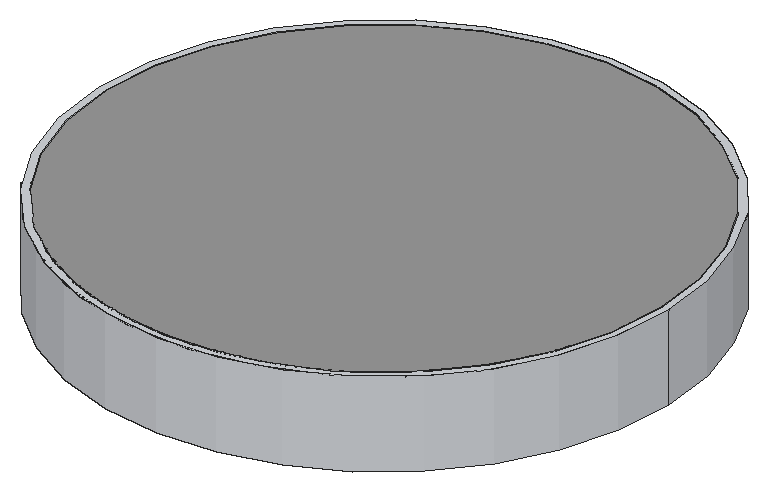
Revit family "2071132", category Lighting Fixtures, host Face, Revit 2018
Family settings
  Host = Face
  Round Connector Dimension = Use Diameter
  Part Type = Normal
  OmniClass Number = 23.80.70.00
  OmniClass Title = Lighting
  Cut with Voids When Loaded = No
  Light Source = Yes
  Shared = No
  Room Calculation Point = No
Parameters (values of type "2071132 COLOSSAL 400 830 OP DIR+H WHT EM")
  iner diameter = 390 mm
  Weight = "n/a"
  Wattage Comments = ""
  Wattage = 30 W
  WarrantyStartDate [instance] = "n/a"
  WarrantyGuarantorParts = "n/a"
  WarrantyDurationUnit = "n/a"
  WarrantyDurationParts = ""
  WarrantyDescription = "http://www.sylvania-lighting.com"
  built-in parameter 1150110 = 1 (stored number, unit not read)
  Voltage = 230 V
  URL = "0.95"
  TypeName = "COLOSSAL 400mm 830 OPAL DIR+HAL WHITE EM"
  Type Image = <None>
  Type Comments = "n/a"
  built-in parameter 1114217 = 1 (stored number, unit not read)
  Tilt Angle = -90.00°
  built-in parameter 1150109 = 1 (stored number, unit not read)
  built-in parameter 1150134 = (empty or 0)
  built-in parameter 1150113 = 1 (stored number, unit not read)
  SerialNumber [instance] = "n/a"
  Photometric Web File = "2071132.ies"
  Material_3_SYL = LED-Sylvania
  PowerFactor = 0
  PowerConsumption = "Lighting"
  NominalLength = 400 mm
  NominalHeight = 93 mm
  NominalDepth = 400 mm
  Name = "COLOSSAL 400mm 830 OPAL DIR+HAL WHITE EM"
  ModelReference = Name  # "COLOSSAL 400mm 830 OPAL DIR+HAL WHITE EM"
  ModelNumber = "2071132"
  Model = Name  # "COLOSSAL 400mm 830 OPAL DIR+HAL WHITE EM"
  Material = "Feilo Sylvania"
  ManufacturerName = "126 lm/W"
  Manufacturer = ""
  LuminousEfficacy = ""
  built-in parameter 1150105 = 270.44 (stored number, unit not read)
  Lumens = 3398.4 lm
  LuminaireType = "0"
  built-in parameter 1150115 = 1 (stored number, unit not read)
  LightOutputRatio = "LED"
  built-in parameter 1150137 = (empty or 0)
  built-in parameter 1150139 = (empty or 0)
  LampsType = Lamp  # "n/a"
  LampNominalLuminous = "3000 K"
  LampMacAdamStep = "80"
  LampColourTemperature = "LED"
  LampColourRenderingIndex = "16500"
  built-in parameter 1150112 = 1 (stored number, unit not read)
  built-in parameter 1150114 = 1 (stored number, unit not read)
  Lamp = "n/a"
  Keynote = "n/a"
  InstallationDate [instance] = "n/a"
  InputVoltage = "0"
  InputNominalFrequency = "3000"
  built-in parameter 1150132 = (empty or 0)
  built-in parameter 1150102 = (empty or 0)
  built-in parameter 1150107 = 3000 (stored number, unit not read)
  built-in parameter 1150138 = (empty or 0)
  IngressProtection = "IfcLightFixtureType"
  ImpactProtectionIndex = "IfcLightFixtureType"
  built-in parameter 1150106 = 2.7044 (stored number, unit not read)
  IfcExportType = "IfcLightFixtureType"
  IfcExportAs = "Class I"
  Emit from Circle Diameter = 385 mm
  Emit Shape Visible in Rendering = no
  ElectricShockClassification = "126"
  built-in parameter 1150104 = 10.524 (stored number, unit not read)
  DocumentationLiterature = "http://www.sylvania-lighting.com/product/en-int/products/2071132"
  DimmingControlOptions = "n/a"
  Material_2_SYL = Polycarbonate_Sylvania_White
  Dimming Lamp Color Temperature Shift = <None>
  Description = "400mm diameter circular architectural luminaire, can be surface mounted or suspended. Powder coated aluminium housing (RAL9016) with polycarbonate opal diffuser. Direct/indirect (halo) light distribution, 2550lm luminuous flux, 21.2W system power, 120lm/W luminiaire efficacy. Constant current driver. 3 hours integrated emergency. Colour rendering index Ra >80, 3000K Warm White LED, chromaticity tolerance of 3-step MacAdam ellipse. IP40, IK03. 450mA drive current. Electrical protection Class1, 220-240V. Reported lifetime 66k hours L90B10."
  Default Elevation = 1219.2 mm
  CreatedOn = "22/03/2022"
  CreatedBy = "@sylvania-lighting.com"
  Cost = 0
  Color Filter = 16777215
  built-in parameter 1114216 [instance] = (empty or 0)
  ClassificationValue = "EF_70_80"
  ClassificationName = "Uniclass2015"
  Material_1_SYL = Polycarbonate_Sylvania_Opal
  BarCode [instance] = "n/a"
  built-in parameter 1114218 = 1 (stored number, unit not read)
  built-in parameter 1150133 = 10 (stored number, unit not read)
  AssetType = "Fixed"
  AssetIdentifier [instance] = "n/a"
  Assembly Code = "D5020200"
  Apparent Load = 21.2 VA
  Material_4_SYL = none
Reference planes
  plane 1 "Center (Front/Back)": y = 0
  plane 2: z = 0
  plane 3 "Center (Left/Right)": x = 0
  plane 4: x = -200
  plane 5: x = 200
  plane 6: y = 200
  plane 7: y = -200
  plane 8: y = 236
  plane 9: y = -236
  plane 10: z = 93
  plane 11: y = 195
  plane 12: y = -195
  plane 13: y = 90.5
  plane 14: y = 144.5
  plane 15: through (52.25, 90.5, 1219.2) normal (0.866, 0.5, 0)
  plane 16: through (52.25, 90.5, 1219.2) normal (0.866, 0.5, 0)
  plane 17: through (63.706, 126.657, 1219.2) normal (0.866, 0.5, 0)
  plane 18: through (-104.5, 0, 1219.2) normal (-0.866, 0.5, 0)
  plane 19: through (-142.394, -9.633, 1219.2) normal (-0.866, 0.5, 0)
  plane 20: y = -90.5
  plane 21: y = -118.5
  plane 22: through (85.371, -141.133, 1219.2) normal (-0.866, 0.5, 0)
  plane 23: through (52.25, -90.5, 1219.2) normal (-0.866, 0.5, 0)
  plane 24: through (-161.658, 0, 1219.2) normal (0.866, 0.5, 0)
  plane 25: through (-172.12, 9.121, 1219.2) normal (0.866, 0.5, 0)
  plane 26: through (-104.5, 0, 1219.2) normal (0.866, 0.5, 0)
Forms (mm)
  Extrusion 1, solid, detail levels medium+fine
    sketch origin (0, 0, 0) x (1, 0, 0) y (0, 1, 0)
      loop
        circle (0, 0) r 200
    from 33.023 to 93
  Extrusion 2, void
    sketch origin (0, 0, 0) x (1, 0, 0) y (0, 1, 0)
      loop
        circle (0, 0) r 195
    from 93 to 37.292
  Extrusion 3, solid, material "Glass, White, High Luminance", detail levels fine
    sketch origin (0, 0, 0) x (1, 0, 0) y (0, 1, 0)
      loop
        circle (0, 0) r 195
    from 88.026 to 93
  Extrusion 4, solid, detail levels coarse
    sketch origin (0, 0, 0) x (1, 0, 0) y (0, 1, 0)
      loop
        line (-200, 200) -> (-200, -200) -> (200, -200) -> (200, 200) -> (-200, 200)
    from 0 to 93
  Blend 5, solid, detail levels medium+fine
    base sketch origin (0, 0, 0) x (1, 0, 0) y (0, 1, 0)
      loop
        line (-52.25, 90.5) -> (-104.5, 0) -> (-52.25, -90.5) -> (52.25, -90.5) -> (104.5, 0) -> (52.25, 90.5) -> (-52.25, 90.5)
    top sketch origin (0, 0, 0) x (1, 0, 0) y (0, 1, 0)
      loop
        line (-53.405, 144.5) -> (-149.245, -21.5) -> (-93.242, -118.5) -> (98.438, -118.5) -> (151.843, -26) -> (53.405, 144.5) -> (-53.405, 144.5)
    from 0 to 33.023
Cuts and joins
  Extrusion 2 cuts Extrusion 1
Dimensions and locks
  "NominalDepth": plane 6 to plane 7
  "NominalLength": plane 4 to plane 5
  equal spacing: plane 4, plane 3 "Center (Left/Right)", plane 5
  "iner diameter": plane 11 to plane 12
  equal spacing: plane 11, plane 1 "Center (Front/Back)", plane 12
  equal spacing: plane 6, plane 1 "Center (Front/Back)", plane 7
  "NominalHeight": plane 10 to level
  plane 19 to plane 18 = 28 mm
  radius of Extrusion 2 sketch curve = 195 mm
  aligned and locked: plane 2 to host face
  aligned and locked: level to host face
Automatic sketch dimensions
  host sketch curve to host sketch curve = 2438.4 mm  (x2)
  plane 1 "Center (Front/Back)" to Extrusion 1 sketch curve = 0 mm
  Extrusion 1 sketch curve to plane 3 "Center (Left/Right)" = 0 mm
  plane 1 "Center (Front/Back)" to Extrusion 2 sketch curve = 0 mm
  Extrusion 2 sketch curve to plane 3 "Center (Left/Right)" = 0 mm
  plane 1 "Center (Front/Back)" to Extrusion 3 sketch curve = 0 mm
  Extrusion 3 sketch curve to plane 3 "Center (Left/Right)" = 0 mm
  Extrusion 4 sketch curve to plane 4 = 0 mm
  Extrusion 4 sketch curve to plane 5 = 0 mm
  Extrusion 4 sketch curve to plane 7 = 0 mm
  Extrusion 4 sketch curve to plane 6 = 0 mm
  Blend 5 sketch curve to plane 19 = 0 mm  (x2)
  Blend 5 sketch curve to plane 24 = 0 mm  (x2)
  Blend 5 sketch curve to plane 21 = 0 mm
  Blend 5 sketch curve to plane 14 = 0 mm
  Blend 5 sketch curve to plane 17 = 0 mm  (x2)
  Blend 5 sketch curve to plane 22 = 0 mm  (x2)
  radius of Extrusion 1 sketch curve = 200 mm
  radius of Extrusion 3 sketch curve = 195 mm
Connectors
  electrical at (0, 0, 0), driven by "Apparent Load", driven by "PowerFactor", driven by "Voltage"
    settings: index 1, voltage 230 V, apparent load 21.2 VA, apparent load phase1 0 VA, apparent load phase2 0 VA, apparent load phase3 0 VA, power factor 0, load classification "Lighting", number of poles 1, system type 30, power factor state 1, is connector primary yes, connector utility no, sub classification motor no, connector description ""
